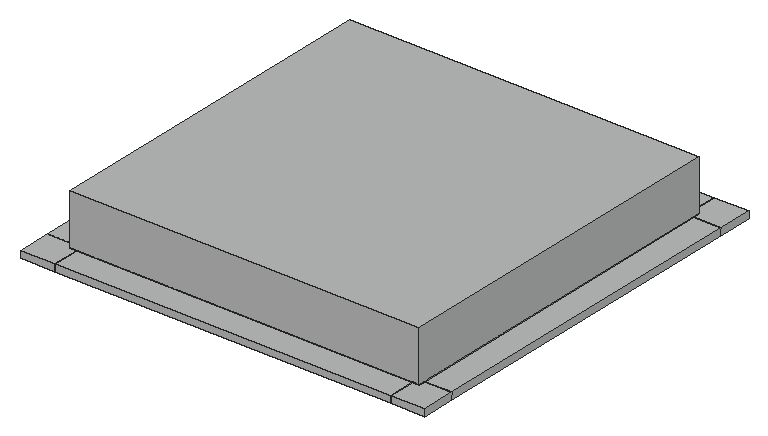
Revit family "ALUMOGIPS", category Осветительные приборы, Revit 2019 (continued)
Types (72, lengths in mm): name | Файл фотометрической сетки | built-in parameter 1150105 | Lumens | built-in parameter 1150106 | built-in parameter 1150142 | Wattage | Emit from Rectangle Width | Emit from Rectangle Length | Длина | Материал светильника | Ширина | ADSK_Ток | ADSK_Полная мощность | ADSK_Обозначение | ADSK_Номинальная мощность | ADSK_Наименование | ADSK_Масса | ADSK_Код изделия
    65.548 925.588 885.431 844.090 803.143 760.717 718.389 675.666 632.549 589.038 545.723 502.310 459.390 416.569 373.550 331.617 290.474 250.119 210.948 172.863 \r\n134.679 100.541 68.178 37.591 9.669 0.592 0.592 0.592 0.493 0.493 0.493 0.493 0.493 0.493 0.493 0.493 0.395 0.395 0.395 0.395 0.395 0.395 0.395 0.296 0.296 0.296 0.296 0.296 0.296 0.296 0.296 0.197 \r\n0.197 0.197 0.197 0.197 0.197 0.197 0.197 0.098 0.098 0.098 0.098 0.098 0.098 0.098 0.098 0.000 0.000 0.000 0.000 \r\n1417.637 1416.551 1412.309 1405.895 1396.621 1385.373 1371.559 1354.786 1336.237 1315.419 1292.232 1266.875 1239.742 1210.733 1179.851 1147.390 1113.942 1078.816 \r\n1042.310 1004.521 966.238 926.279 886.121 844.879 803.834 761.408 719.080 676.357 633.240 589.728 546.315 502.902 459.982 417.062 374.043 332.110 290.967 250.513 211.343 173.258 \r\n135.074 100.837 68.376 37.888 9.965 0.592 0.592 0.592 0.493 0.493 0.493 0.493 0.493 0.493 0.493 0.493 0.395 0.395 0.395 0.395 0.395 0.395 0.395 0.296 0.296 0.296 0.296 0.296 0.296 0.296 0.296 0.197 \r\n0.197 0.197 0.197 0.197 0.197 0.197 0.197 0.098 0.098 0.098 0.098 0.098 0.098 0.098 0.098 0.000 0.000 0.000 0.000 \r\n1417.637 1416.650 1412.407 1406.093 1396.917 1385.669 1371.954 1355.181 1336.632 1315.912 1292.725 1267.368 1240.334 1211.325 1180.443 1147.982 1114.633 1079.409 \r\n1042.903 1005.212 966.929 926.969 886.812 845.569 804.524 762.098 719.770 677.048 633.832 590.320 546.907 503.494 460.574 417.654 374.636 332.603 291.460 250.908 211.738 173.653 \r\n135.371 101.133 68.671 38.086 10.163 0.592 0.592 0.592 0.493 0.493 0.493 0.493 0.493 0.493 0.493 0.493 0.395 0.395 0.395 0.395 0.395 0.395 0.395 0.296 0.296 0.296 0.296 0.296 0.296 0.296 0.296 0.197 \r\n0.197 0.197 0.197 0.197 0.197 0.197 0.197 0.098 0.098 0.098 0.098 0.098 0.098 0.098 0.098 0.000 0.000 0.000 0.000 \r\n1417.637 1416.650 1412.506 1406.191 1397.114 1385.866 1372.250 1355.576 1337.027 1316.307 1293.218 1267.861 1240.827 1211.918 1181.035 1148.672 1115.225 1080.099 \r\n1043.593 1005.902 967.620 927.660 887.503 846.260 805.215 762.789 720.461 677.739 634.523 591.011 547.598 504.086 461.166 418.247 375.129 333.098 291.855 251.401 212.132 173.948 \r\n135.666 101.429 68.968 38.381 10.360 0.592 0.592 0.592 0.493 0.493 0.493 0.493 0.493 0.493 0.493 0.493 0.395 0.395 0.395 0.395 0.395 0.395 0.395 0.296 0.296 0.296 0.296 0.296 0.296 0.296 0.296 0.197 \r\n0.197 0.197 0.197 0.197 0.197 0.197 0.197 0.098 0.098 0.098 0.098 0.098 0.098 0.098 0.098 0.000 0.000 0.000 0.000 \r\n1417.637 1416.650 1412.604 1406.389 1397.311 1386.162 1372.546 1355.871 1337.421 1316.701 1293.613 1268.355 1241.320 1212.411 1181.627 1149.265 1115.816 1080.691 \r\n1044.284 1006.593 968.212 928.351 888.194 846.951 805.906 763.479 721.151 678.429 635.213 591.702 548.190 504.777 461.758 418.740 375.721 333.591 292.348 251.796 212.527 174.343 \r\n135.962 101.627 69.165 38.579 10.557 0.592 0.592 0.592 0.493 0.493 0.493 0.493 0.493 0.493 0.493 0.395 0.395 0.395 0.395 0.395 0.395 0.395 0.395 0.296 0.296 0.296 0.296 0.296 0.296 0.296 0.296 0.197 \r\n0.197 0.197 0.197 0.197 0.197 0.197 0.197 0.098 0.098 0.098 0.098 0.098 0.098 0.098 0.098 0.000 0.000 0.000 0.000 \r\n1417.637 1416.749 1412.704 1406.586 1397.607 1386.458 1372.941 1356.266 1337.815 1317.095 1294.106 1268.848 1241.813 1213.003 1182.219 1149.856 1116.409 1081.382 \r\n1044.876 1007.283 968.902 929.042 888.885 847.642 806.597 764.170 721.843 679.120 635.806 592.293 548.881 505.368 462.351 419.332 376.214 334.084 292.841 252.191 212.922 174.738 \r\n136.357 101.922 69.461 38.776 10.853 0.592 0.592 0.592 0.493 0.493 0.493 0.493 0.493 0.493 0.493 0.395 0.395 0.395 0.395 0.395 0.395 0.395 0.395 0.296 0.296 0.296 0.296 0.296 0.296 0.296 0.296 0.197 \r\n0.197 0.197 0.197 0.197 0.197 0.197 0.197 0.098 0.098 0.098 0.098 0.098 0.098 0.098 0.098 0.000 0.000 0.000 0.000 \r\n1417.637 1416.749 1412.802 1406.684 1397.805 1386.754 1373.237 1356.661 1338.210 1317.589 1294.599 1269.341 1242.406 1213.496 1182.811 1150.448 1117.099 1081.974 \r\n1045.566 1007.974 969.593 929.732 889.575 848.333 807.287 764.861 722.533 679.712 636.496 592.985 549.472 505.960 462.942 419.825 376.707 334.577 293.236 252.684 213.317 175.034 \r\n136.652 102.218 69.659 39.072 11.051 0.592 0.592 0.592 0.493 0.493 0.493 0.493 0.493 0.493 0.493 0.395 0.395 0.395 0.395 0.395 0.395 0.395 0.395 0.296 0.296 0.296 0.296 0.296 0.296 0.296 0.296 0.197 \r\n0.197 0.197 0.197 0.197 0.197 0.197 0.197 0.098 0.098 0.098 0.098 0.098 0.098 0.098 0.098 0.000 0.000 0.000 0.000 \r\n1417.637 1416.848 1412.901 1406.882 1398.002 1387.051 1373.533 1356.957 1338.605 1317.983 1294.994 1269.834 1242.899 1214.089 1183.403 1151.041 1117.692 1082.665 \r\n1046.257 1008.566 970.284 930.423 890.266 849.121 807.978 765.552 723.224 680.403 637.187 593.675 550.163 506.553 463.534 420.416 377.300 335.071 293.729 253.079 213.712 175.429 \r\n136.949 102.515 69.954 39.269 11.248 0.592 0.592 0.592 0.493 0.493 0.493 0.493 0.493 0.493 0.493 0.395 0.395 0.395 0.395 0.395 0.395 0.395 0.395 0.296 0.296 0.296 0.296 0.296 0.296 0.296 0.296 0.197 \r\n0.197 0.197 0.197 0.197 0.197 0.197 0.197 0.098 0.098 0.098 0.098 0.098 0.098 0.098 0.098 0.000 0.000 0.000 0.000 \r\n1417.637 1416.848 1412.999 1407.079 1398.298 1387.247 1373.829 1357.352 1339.000 1318.378 1295.488 1270.327 1243.392 1214.680 1183.995 1151.731 1118.283 1083.257 \r\n1046.849 1009.257 970.975 931.113 891.055 849.813 808.668 766.242 723.914 681.093 637.779 594.266 550.755 507.145 464.126 421.009 377.793 335.564 294.222 253.474 214.105 175.823 \r\n137.343 102.810 70.250 39.467 11.445 0.592 0.592 0.592 0.493 0.493 0.493 0.493 0.493 0.493 0.493 0.395 0.395 0.395 0.395 0.395 0.395 0.395 0.395 0.296 0.296 0.296 0.296 0.296 0.296 0.296 0.296 0.197 \r\n0.197 0.197 0.197 0.197 0.197 0.197 0.197 0.098 0.098 0.098 0.098 0.098 0.098 0.098 0.098 0.000 0.000 0.000 0.000 \r\n1417.637 1416.946 1413.098 1407.178 1398.495 1387.544 1374.223 1357.747 1339.395 1318.773 1295.882 1270.822 1243.886 1215.174 1184.587 1152.323 1118.974 1083.848 \r\n1047.540 1009.947 971.665 931.903 891.746 850.503 809.359 766.933 724.507 681.784 638.470 594.958 551.445 507.836 464.718 421.502 378.287 336.057 294.617 253.967 214.500 176.119 \r\n137.640 103.106 70.447 39.762 11.741 0.592 0.592 0.592 0.493 0.493 0.493 0.493 0.493 0.493 0.493 0.395 0.395 0.395 0.395 0.395 0.395 0.395 0.395 0.296 0.296 0.296 0.296 0.296 0.296 0.296 0.296 0.197 \r\n0.197 0.197 0.197 0.197 0.197 0.197 0.197 0.098 0.098 0.098 0.098 0.098 0.098 0.098 0.098 0.000 0.000 0.000 0.000 \r\n1417.637 1416.946 1413.197 1407.376 1398.693 1387.839 1374.520 1358.042 1339.789 1319.168 1296.376 1271.315 1244.477 1215.765 1185.179 1152.915 1119.566 1084.539 \r\n1048.230 1010.638 972.356 932.594 892.436 851.194 810.050 767.623 725.197 682.474 639.160 595.649 552.038 508.427 465.310 422.094 378.878 336.550 295.111 254.362 214.895 176.514 \r\n137.935 103.403 70.744 39.960 11.939 0.592 0.592 0.592 0.493 0.493 0.493 0.493 0.493 0.493 0.493 0.395 0.395 0.395 0.395 0.395 0.395 0.395 0.395 0.296 0.296 0.296 0.296 0.296 0.296 0.296 0.296 0.197 \r\n0.197 0.197 0.197 0.197 0.197 0.197 0.197 0.098 0.098 0.098 0.098 0.098 0.098 0.098 0.098 0.000 0.000 0.000 0.000 \r\n1417.637 1417.044 1413.295 1407.474 1398.890 1388.135 1374.815 1358.437 1340.184 1319.661 1296.869 1271.808 1244.971 1216.258 1185.673 1153.507 1120.158 1085.131 \r\n1048.823 1011.329 973.046 933.284 893.127 851.884 810.741 768.314 725.888 683.165 639.752 596.240 552.728 509.019 465.902 422.686 379.371 337.044 295.505 254.757 215.388 176.909 \r\n138.232 103.698 70.942 40.157 12.136 0.592 0.592 0.592 0.493 0.493 0.493 0.493 0.493 0.493 0.493 0.395 0.395 0.395 0.395 0.395 0.395 0.395 0.395 0.296 0.296 0.296 0.296 0.296 0.296 0.296 0.296 0.197 \r\n0.197 0.197 0.197 0.197 0.197 0.197 0.197 0.098 0.098 0.098 0.098 0.098 0.098 0.098 0.098 0.000 0.000 0.000 0.000 \r\n1417.637 1417.044 1413.394 1407.671 1399.187 1388.333 1375.111 1358.832 1340.578 1320.056 1297.264 1272.301 1245.464 1216.851 1186.264 1154.099 1120.849 1085.822 \r\n1049.513 1012.020 973.737 933.975 893.818 852.575 811.432 769.004 726.578 683.855 640.443 596.930 553.321 509.611 466.494 423.180 379.964 337.537 295.999 255.250 215.783 177.304 \r\n138.626 103.994 71.237 40.453 12.333 0.592 0.592 0.592 0.493 0.493 0.493 0.493 0.493 0.493 0.493 0.395 0.395 0.395 0.395 0.395 0.395 0.395 0.395 0.296 0.296 0.296 0.296 0.296 0.296 0.296 0.296 0.197 \r\n0.197 0.197 0.197 0.197 0.197 0.197 0.197 0.098 0.098 0.098 0.098 0.098 0.098 0.098 0.098 0.000 0.000 0.000 0.000 \r\n1417.637 1417.143 1413.492 1407.869 1399.383 1388.629 1375.506 1359.226 1340.973 1320.451 1297.757 1272.795 1246.056 1217.443 1186.856 1154.790 1121.441 1086.414 \r\n1050.204 1012.711 974.428 934.665 894.508 853.365 812.122 769.695 727.269 684.448 641.134 597.523 554.011 510.203 467.086 423.772 380.457 338.031 296.492 255.645 216.178 177.599 \r\n138.922 104.291 71.533 40.650 12.629 0.592 0.592 0.592 0.493 0.493 0.493 0.493 0.493 0.493 0.493 0.395 0.395 0.395 0.395 0.395 0.395 0.395 0.395 0.296 0.296 0.296 0.296 0.296 0.296 0.296 0.296 0.197 \r\n0.197 0.197 0.197 0.197 0.197 0.197 0.197 0.098 0.098 0.098 0.098 0.098 0.098 0.098 0.098 0.000 0.000 0.000 0.000 \r\n1417.637 1417.143 1413.592 1407.967 1399.580 1388.925 1375.803 1359.523 1341.367 1320.845 1298.250 1273.288 1246.550 1217.936 1187.448 1155.382 1122.032 1087.105 \r\n1050.894 1013.401 975.119 935.356 895.199 854.055 812.813 770.386 727.959 685.138 641.725 598.213 554.603 510.795 467.678 424.265 380.951 338.524 296.887 256.038 216.573 177.994 \r\n139.218 104.586 71.730 40.848 12.826 0.592 0.592 0.493 0.493 0.493 0.493 0.493 0.493 0.493 0.493 0.395 0.395 0.395 0.395 0.395 0.395 0.395 0.395 0.296 0.296 0.296 0.296 0.296 0.296 0.296 0.296 0.197 \r\n0.197 0.197 0.197 0.197 0.197 0.197 0.197 0.098 0.098 0.098 0.098 0.098 0.098 0.098 0.098 0.000 0.000 0.000 0.000 \r\n1417.637 1417.242 1413.690 1408.165 1399.877 1389.220 1376.098 1359.917 1341.762 1321.339 1298.645 1273.781 1247.043 1218.528 1188.041 1155.974 1122.723 1087.697 \r\n1051.487 1013.993 975.810 936.046 895.889 854.746 813.503 771.077 728.650 685.829 642.416 598.904 555.294 511.486 468.270 424.857 381.542 339.018 297.380 256.533 216.967 178.389 \r\n139.613 104.882 72.026 41.143 13.024 0.592 0.592 0.493 0.493 0.493 0.493 0.493 0.493 0.493 0.493 0.395 0.395 0.395 0.395 0.395 0.395 0.395 0.395 0.296 0.296 0.296 0.296 0.296 0.296 0.296 0.296 0.197 \r\n0.197 0.197 0.197 0.197 0.197 0.197 0.197 0.098 0.098 0.098 0.098 0.098 0.098 0.098 0.098 0.000 0.000 0.000 0.000 \r\n1417.637 1417.242 1413.789 1408.362 1400.075 1389.517 1376.394 1360.311 1342.157 1321.733 1299.138 1274.274 1247.536 1219.022 1188.632 1156.566 1123.315 1088.388 \r\n1052.177 1014.684 976.500 936.738 896.581 855.436 814.194 771.768 729.341 686.519 643.107 599.496 555.885 512.078 468.862 425.449 382.035 339.511 297.873 256.926 217.362 178.685 \r\n139.909 105.079 72.223 41.341 13.221 0.592 0.592 0.493 0.493 0.493 0.493 0.493 0.493 0.493 0.493 0.395 0.395 0.395 0.395 0.395 0.395 0.395 0.395 0.296 0.296 0.296 0.296 0.296 0.296 0.296 0.296 0.197 \r\n0.197 0.197 0.197 0.197 0.197 0.197 0.197 0.098 0.098 0.098 0.098 0.098 0.098 0.098 0.098 0.000 0.000 0.000 0.000 \r\n1417.637 1417.341 1413.986 1408.461 1400.271 1389.715 1376.789 1360.608 1342.552 1322.128 1299.632 1274.768 1248.128 1219.614 1189.224 1157.256 1123.907 1088.980 \r\n1052.868 1015.374 977.191 937.428 897.369 856.127 814.884 772.458 730.032 687.211 643.698 600.187 556.577 512.670 469.454 425.942 382.529 340.004 298.268 257.321 217.756 179.080 \r\n140.204 105.376 72.520 41.538 13.517 0.592 0.592 0.493 0.493 0.493 0.493 0.493 0.493 0.493 0.493 0.395 0.395 0.395 0.395 0.395 0.395 0.395 0.395 0.296 0.296 0.296 0.296 0.296 0.296 0.296 0.296 0.197 \r\n0.197 0.197 0.197 0.197 0.197 0.197 0.197 0.098 0.098 0.098 0.098 0.098 0.098 0.098 0.098 0.000 0.000 0.000 0.000 \r\n1417.637 1417.341 1414.085 1408.658 1400.568 1390.010 1377.085 1361.002 1342.947 1322.522 1300.026 1275.261 1248.621 1220.205 1189.817 1157.849 1124.598 1089.670 \r\n1053.460 1016.065 977.881 938.119 898.060 856.917 815.575 773.149 730.722 687.901 644.390 600.877 557.168 513.262 470.046 426.534 383.121 340.497 298.761 257.814 218.151 179.473 \r\n140.501 105.672 72.816 41.835 13.714 0.592 0.592 0.493 0.493 0.493 0.493 0.493 0.493 0.493 0.493 0.395 0.395 0.395 0.395 0.395 0.395 0.395 0.395 0.296 0.296 0.296 0.296 0.296 0.296 0.296 0.296 0.197 \r\n0.197 0.197 0.197 0.197 0.197 0.197 0.197 0.098 0.098 0.098 0.098 0.098 0.098 0.098 0.098 0.000 0.000 0.000 0.000 \r\n1417.637 1417.439 1414.183 1408.855 1400.765 1390.306 1377.381 1361.397 1343.341 1323.015 1300.520 1275.656 1249.114 1220.699 1190.408 1158.440 1125.190 1090.262 \r\n1054.151 1016.755 978.473 938.809 898.750 857.607 816.266 773.839 731.413 688.592 645.080 601.469 557.859 513.854 470.638 427.126 383.615 340.990 299.254 258.209 218.546 179.770 \r\n140.896 105.967 73.013 42.031 13.912 0.592 0.592 0.493 0.493 0.493 0.493 0.493 0.493 0.493 0.493 0.395 0.395 0.395 0.395 0.395 0.395 0.395 0.395 0.296 0.296 0.296 0.296 0.296 0.296 0.296 0.296 0.197 \r\n0.197 0.197 0.197 0.197 0.197 0.197 0.197 0.098 0.098 0.098 0.098 0.098 0.098 0.098 0.098 0.000 0.000 0.000 0.000 \r\n1417.637 1417.439 1414.282 1408.954 1400.963 1390.603 1377.677 1361.792 1343.735 1323.410 1301.014 1276.149 1249.608 1221.291 1191.000 1159.032 1125.782 1090.953 \r\n1054.841 1017.446 979.164 939.500 899.442 858.298 816.957 774.530 732.103 689.184 645.672 602.160 558.451 514.446 471.230 427.619 384.108 341.484 299.649 258.604 218.940 180.165 \r\n141.191 106.264 73.309 42.229 14.208 0.592 0.592 0.493 0.493 0.493 0.493 0.493 0.493 0.493 0.493 0.395 0.395 0.395 0.395 0.395 0.395 0.395 0.395 0.296 0.296 0.296 0.296 0.296 0.296 0.296 0.296 0.197 \r\n0.197 0.197 0.197 0.197 0.197 0.197 0.197 0.098 0.098 0.098 0.098 0.098 0.098 0.098 0.098 0.000 0.000 0.000 0.000 \r\n1417.637 1417.538 1414.380 1409.152 1401.258 1390.898 1378.072 1362.087 1344.130 1323.805 1301.408 1276.643 1250.200 1221.784 1191.593 1159.625 1126.374 1091.545 \r\n1055.433 1018.137 979.855 940.290 900.133 858.988 817.647 775.221 732.794 689.875 646.362 602.851 559.043 515.137 471.822 428.212 384.700 341.977 300.142 259.097 219.335 180.559 \r\n141.487 106.560 73.506 42.525 14.405 0.592 0.592 0.493 0.493 0.493 0.493 0.493 0.493 0.493 0.493 0.395 0.395 0.395 0.395 0.395 0.395 0.395 0.395 0.296 0.296 0.296 0.296 0.296 0.296 0.296 0.296 0.197 \r\n0.197 0.197 0.197 0.197 0.197 0.197 0.197 0.098 0.098 0.098 0.098 0.098 0.098 0.098 0.098 0.000 0.000 0.000 0.000 \r\n1417.637 1417.538 1414.480 1409.250 1401.456 1391.096 1378.367 1362.482 1344.525 1324.200 1301.902 1277.136 1250.693 1222.376 1192.184 1160.315 1127.064 1092.235 \r\n1056.124 1018.828 980.545 940.980 900.823 859.679 818.338 776.010 733.485 690.565 647.054 603.443 559.734 515.728 472.414 428.705 385.193 342.470 300.537 259.492 219.730 180.856 \r\n141.882 106.855 73.802 42.723 14.602 0.592 0.592 0.493 0.493 0.493 0.493 0.493 0.493 0.493 0.493 0.395 0.395 0.395 0.395 0.395 0.395 0.395 0.395 0.296 0.296 0.296 0.296 0.296 0.296 0.296 0.296 0.197 \r\n0.197 0.197 0.197 0.197 0.197 0.197 0.197 0.098 0.098 0.098 0.098 0.098 0.098 0.098 0.098 0.000 0.000 0.000 0.000 \r\n1417.637 1417.637 1414.578 1409.447 1401.653 1391.391 1378.663 1362.877 1344.920 1324.693 1302.395 1277.630 1251.187 1222.968 1192.678 1160.908 1127.657 1092.827 \r\n1056.814 1019.419 981.236 941.671 901.514 860.369 819.028 776.701 734.175 691.256 647.645 604.133 560.326 516.320 473.006 429.297 385.785 342.963 301.030 259.887 220.125 181.249 \r\n142.178 107.152 74.099 42.920 14.800 0.592 0.592 0.493 0.493 0.493 0.493 0.493 0.493 0.493 0.493 0.395 0.395 0.395 0.395 0.395 0.395 0.395 0.395 0.296 0.296 0.296 0.296 0.296 0.296 0.296 0.296 0.197 \r\n0.197 0.197 0.197 0.197 0.197 0.197 0.197 0.098 0.098 0.098 0.098 0.098 0.098 0.098 0.098 0.000 0.000 0.000 0.000 \r\n1417.637 1417.637 1414.677 1409.645 1401.851 1391.688 1378.960 1363.173 1345.314 1325.088 1302.790 1278.123 1251.680 1223.461 1193.269 1161.499 1128.249 1093.518 \r\n1057.406 1020.110 981.926 942.361 902.204 861.159 819.719 777.391 734.867 691.946 648.335 604.726 561.017 516.913 473.598 429.888 386.279 343.458 301.524 260
